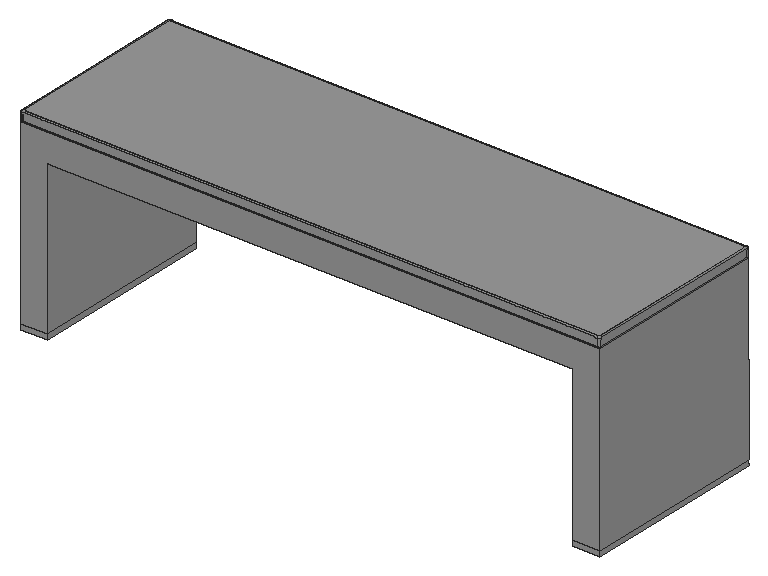
Revit family "Cocoon Community Bench 18x17x53", category Generic Models, Revit 2018
Family settings
  Can host rebar = No
  Round Connector Dimension = Use Diameter
  Part Type = Normal
  Work Plane-Based = No
  Always vertical = Yes
  Cut with Voids When Loaded = No
  Shared = No
  Room Calculation Point = No
Parameters
  Frame = Cocoon Community Bench 18x17x53 Frame
  Seat Fabric = Cocoon Community Bench 18x17x53 Fabric
Reference planes (in)
  plane 1 "Center (Front/Back)": y = 0
  plane 2: z = 0
  plane 3 "Center (Left/Right)": x = 0
Forms (in)
  Extrusion 1, solid, material "Cocoon Community Bench 18x17x53 Frame" <- "Frame"
    sketch origin (0, 0, 0) x (1, 0, 0) y (0, 0, 1)
      loop
        line (-26.5, 0.5) -> (-26.5, 0) -> (-24, 0) -> (-24, 0.5) -> (-26.5, 0.5)
      loop
        line (24, 0.5) -> (24, 0) -> (26.5, 0) -> (26.5, 0.5) -> (24, 0.5)
    from -8.5 to 8.5
  Extrusion 2, solid, material "Cocoon Community Bench 18x17x53 Fabric" <- "Seat Fabric"
    sketch origin (0, 0, 0) x (1, 0, 0) y (0, 1, 0)
      loop
        arc (-26.33473, 8.375) -> (-26.3632, 8.3632) -> (-26.375, 8.33473) r 0.04027
        line (-26.375, 8.33473) -> (-26.375, -8.33473)
        arc (-26.375, -8.33473) -> (-26.3632, -8.3632) -> (-26.33473, -8.375) r 0.04027
        line (-26.33473, -8.375) -> (26.33473, -8.375)
        arc (26.33473, -8.375) -> (26.3632, -8.3632) -> (26.375, -8.33473) r 0.04027
        line (26.375, -8.33473) -> (26.375, 8.33473)
        arc (26.375, 8.33473) -> (26.3632, 8.3632) -> (26.33473, 8.375) r 0.04027
        line (26.33473, 8.375) -> (-26.33473, 8.375)
    from 18 to 17
  Sweep 3, solid, material "Cocoon Community Bench 18x17x53 Fabric" <- "Seat Fabric"
    path origin (0, 0, 0) x (1, 0, 0) y (0, 1, 0)
      loop
        line (-26.33473, -8.375) -> (26.33473, -8.375)
        arc (26.33473, -8.375) -> (26.3632, -8.3632) -> (26.375, -8.33473) r 0.04027
        line (26.375, -8.33473) -> (26.375, 8.33473)
        arc (26.375, 8.33473) -> (26.3632, 8.3632) -> (26.33473, 8.375) r 0.04027
        line (26.33473, 8.375) -> (-26.33473, 8.375)
        arc (-26.33473, 8.375) -> (-26.3632, 8.3632) -> (-26.375, 8.33473) r 0.04027
        line (-26.375, 8.33473) -> (-26.375, -8.33473)
        arc (-26.375, -8.33473) -> (-26.3632, -8.3632) -> (-26.33473, -8.375) r 0.04027
    profile origin (0, -8.375, 0) x (0, 1, 0) y (0, 0, 1)
      loop
        arc (-0.125, 17.125) -> (-0.08839, 17.03661) -> (0, 17) r 0.125
        line (0, 17) -> (0, 18)
        arc (0, 18) -> (-0.08839, 17.96339) -> (-0.125, 17.875) r 0.125
        line (-0.125, 17.875) -> (-0.125, 17.125)
  Extrusion 4, solid, material "Cocoon Community Bench 18x17x53 Frame" <- "Frame"
    sketch origin (0, 0, 0) x (1, 0, 0) y (0, 0, 1)
      loop
        line (-26.5, 0.5) -> (-24, 0.5) -> (-24, 14.5) -> (24, 14.5) -> (24, 0.5) -> (26.5, 0.5) -> (26.5, 17) -> (-26.5, 17) -> (-26.5, 0.5)
    from -8.5 to 8.5
Dimensions and locks (in)
  aligned and locked: plane 2 to level
